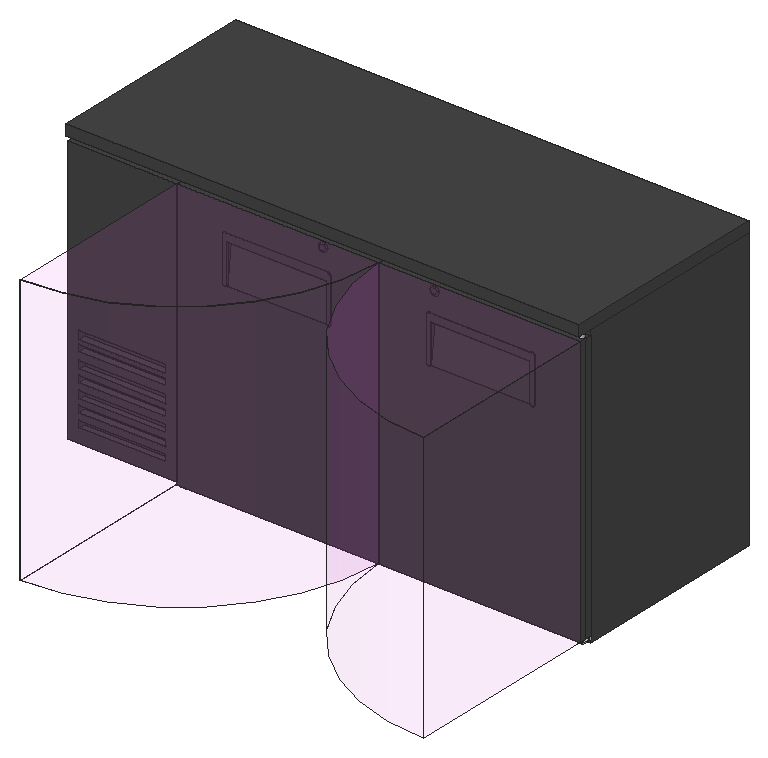
Revit family "QF_True_TBB24-60-2S-Z1-BST-B-1_Solid_Swing_Door_Back_Bar", category Specialty Equipment, Revit 2021
Family settings
  Round Connector Dimension = Use Diameter
  Part Type = Normal
  Work Plane-Based = No
  Always vertical = Yes
  Cut with Voids When Loaded = No
  Shared = No
  Room Calculation Point = No
Parameters
  Weight in Pounds = 345
  Watts = Volts * FL Amps  # 368 W
  Volts = 115 V
  URL Cutsheet = ""
  Specification by User = ""
  Specification by Manufacturer = ""
  Show Seismic Flanged [instance] = yes
  Show Door Clearance [instance] = yes
  Show Default [instance] = if(or([Show 2" Casters], [Show 3" Casters]), or(or([Show 4" Casters], [Show 5" Casters], [Show 6" Legs]), and([Show 2" Casters], [Show 3" Casters]), and([Show 3" Casters], Show Seismic Flanged)), if(or([Show 4" Casters], [Show 5" Casters]), or(or([Show 6" Legs], Show Seismic Flanged), and([Show 4" Casters], [Show 5" Casters])), if([Show 6" Legs], Show Seismic Flanged, not(Show Seismic Flanged))))  # yes
  Show 6" Legs [instance] = yes
  Show 5" Casters [instance] = yes
  Show 4" Casters [instance] = yes
  Show 3" Casters [instance] = yes
  Show 2" Casters [instance] = yes
  Serial Number = ""
  Seismic Rating = ""
  SMACNA No = ""
  Revision Code = ""
  Phase = 1
  Number of Poles = 1
  NAFEM Spec ID Number = ""
  Model = "TBB24-60-2S-Z1-BST-B-1"
  Min Ckt Ampacity = 0 A
  Max Overcurrent Protection = 0 A
  Masterspec = ""
  Manufacturer = "True"
  Length = 60 1/32"
  Item Number = ""
  Installed By = ""
  Identify Quantity as Lot = yes
  Height [instance] = Base Height + Body Height  # 34 3/16"
  HP = "1/4"
  Furnished By = ""
  Foodservice Equipment Identifier = yes
  FL Amps = 3.2 A
  Electrical Remarks = ""
  Electric Connection Type = ""
  Elec Conn RI Height = 0"
  Elec Conn Connection Height = 0"
  Door Finish [instance] = QF_Metallic_Paint_Black_Smooth
  Description = "Solid Swing Door Back Bar 24\" Depth Single Zone Cooler with Black Sub Top and Black Exterior"
  Depth = 24 7/8"
  Default Elevation = 0"
  Cycle = 60 Hz
  Counter Top Finish [instance] = QF_Metallic_Paint_Black_Smooth
  Conn Plug = "NEMA 5-15P"
  Conn Conduit = yes
  CSI MasterFormat = ""
  Body Height [instance] = 34 3/16"
  Body Finish [instance] = QF_Metallic_Paint_Black_Smooth
  Base Height [instance] = if(Show Default, 0", if([Show 2" Casters], 2", if([Show 3" Casters], 3", if([Show 4" Casters], 4", if([Show 5" Casters], 5", if([Show 6" Legs], 6", if(Show Seismic Flanged, 6", 0")))))))  # 0"
  Apparent Power = 0 VA
Reference planes (in)
  plane 1 "BACK": y = 0
  plane 2: z = 0
  plane 3 "LEFT": x = 0
  plane 4 "RIGHT": x = 60.03125
  plane 5 "FRONT": y = -24.875
  plane 6 "TOP": z = 34.1875
  plane 7 "Center Y": x = 30.01563
  plane 8 "Center X": y = -12.4375
  plane 9: z = 0
Dimensions and locks (in)
  equal spacing: plane 3 "LEFT", plane 7 "Center Y", plane 4 "RIGHT"
  "Length": plane 3 "LEFT" to plane 4 "RIGHT"
  equal spacing: plane 5 "FRONT", plane 8 "Center X", plane 1 "BACK"
  "Depth": plane 5 "FRONT" to plane 1 "BACK"
  plane 6 "TOP" to level = 34 3/16"
  "Base Height": plane 9 to level
  "Body Height": plane 6 "TOP" to plane 9
  aligned and locked: level to plane 2
  aligned and locked: nested 1 to plane 9
Nested families (in)
  nested 1: "TBB24-60-2S-Z1-BST-B-1" at (0, 0, 0), Body Finish <- "Body Finish", Counter Top Finishes <- "Counter Top Finish", Door Finish <- "Door Finish", Show Door Clearance <- "Show Door Clearance", type "TBB24-60-2S-Z1-BST-B-1"
    with Show Door Clearance yes, Door Finish QF_Metallic_Paint_Black_Smooth, Counter Top Finishes QF_Metallic_Paint_Black_Smooth, Body Finish QF_Metallic_Paint_Black_Smooth
  nested 2: "Family3" at (2.5, -20.41792, 0), Show 2" Casters <- "Show 2" Casters", Show 3" Casters <- "Show 3" Casters", Show 4" Casters <- "Show 4" Casters", Show 5" Casters <- "Show 5" Casters", Show 6" Legs <- "Show 6" Legs", Show Seismic Flanged <- "Show Seismic Flanged", type "Family3"
    with Show Seismic Flanged yes, Show 6" Legs yes, Show 5" Casters yes, Show 4" Casters yes, Show 3" Casters yes, Show 2" Casters yes
  nested 3: "Family3" at (57.53125, -20.41792, 0), Show 2" Casters <- "Show 2" Casters", Show 3" Casters <- "Show 3" Casters", Show 4" Casters <- "Show 4" Casters", Show 5" Casters <- "Show 5" Casters", Show 6" Legs <- "Show 6" Legs", Show Seismic Flanged <- "Show Seismic Flanged", type "Family3"
    with Show Seismic Flanged yes, Show 6" Legs yes, Show 5" Casters yes, Show 4" Casters yes, Show 3" Casters yes, Show 2" Casters yes
  nested 4: "Family3" at (2.5, -3.16792, 0), Show 2" Casters <- "Show 2" Casters", Show 3" Casters <- "Show 3" Casters", Show 4" Casters <- "Show 4" Casters", Show 5" Casters <- "Show 5" Casters", Show 6" Legs <- "Show 6" Legs", Show Seismic Flanged <- "Show Seismic Flanged", type "Family3"
    with Show Seismic Flanged yes, Show 6" Legs yes, Show 5" Casters yes, Show 4" Casters yes, Show 3" Casters yes, Show 2" Casters yes
  nested 5: "Family3" at (57.53125, -3.16792, 0), Show 2" Casters <- "Show 2" Casters", Show 3" Casters <- "Show 3" Casters", Show 4" Casters <- "Show 4" Casters", Show 5" Casters <- "Show 5" Casters", Show 6" Legs <- "Show 6" Legs", Show Seismic Flanged <- "Show Seismic Flanged", type "Family3"
    with Show Seismic Flanged yes, Show 6" Legs yes, Show 5" Casters yes, Show 4" Casters yes, Show 3" Casters yes, Show 2" Casters yes
Connectors (in)
  electrical at (5.92159, 0.23047, 18.36709), driven by "Volts", driven by "Watts"
    settings: on nested 1, index 1, voltage 115 V, apparent load 368 VA, apparent load phase1 0 VA, apparent load phase2 0 VA, apparent load phase3 0 VA, power factor 1, load classification "Other", number of poles 1, system type 30, power factor state 1, is connector primary yes, connector utility no, sub classification motor no, connector description "ELECTRICAL CONNECTION"
Definition of nested family "TBB24-60-2S-Z1-BST-B-1"
  Parameters (values of type "TBB24-60-2S-Z1-BST-B-1")
    Weight in Pounds = 0
    URL Cutsheet = ""
    Specification by User = ""
    Specification by Manufacturer = ""
    Show Door Clearance [instance] = yes
    Serial Number = ""
    Seismic Rating = ""
    SMACNA No = ""
    Revision Code = ""
    NAFEM Spec ID Number = ""
    Masterspec = ""
    Length = 60 1/32"
    Item Number = ""
    Installed By = ""
    Identify Quantity as Lot = yes
    Height = 34 3/16"
    Furnished By = ""
    Foodservice Equipment Identifier = yes
    Door Finish [instance] = none
    Depth = 24 7/8"
    Default Elevation = 0"
    Counter Top Finishes [instance] = none
    CSI MasterFormat = ""
    Body Finish [instance] = none
  Reference planes (in)
    plane 1 "BACK": y = 0
    plane 2: z = 0
    plane 3 "LEFT": x = 0
    plane 4 "RIGHT": x = 60.03125
    plane 5 "FRONT": y = -24.875
    plane 6 "TOP": z = 34.1875
    plane 7 "Center Y": x = 30.01563
    plane 8 "Center X": y = -12.4375
    plane 9: y = -47.59375
    plane 10: z = 0.6875
    plane 11: z = 32.9375
    plane 12: z = 2.0625
    plane 13: y = -21.41792
    plane 14: z = 0.33506
    plane 15: z = 23.55589
    plane 16: x = 36.40899
    plane 17: x = 12.78399
  Forms (in)
    Extrusion 1, solid, material <- "Counter Top Finishes"
      sketch origin (0, 0, 0) x (1, 0, 0) y (0, 0, 1)
        loop
          line (0, 34.1875) -> (0, 32.9375) -> (60.03125, 32.9375) -> (60.03125, 34.1875) -> (0, 34.1875)
      from 0 to 24.875
    Extrusion 2, solid, material <- "Body Finish"
      sketch origin (0, 0, 0) x (0, 1, 0) y (0, 0, 1)
        loop
          line (0, 32.9375) -> (-23.09422, 32.9375) -> (-23.09422, 0) -> (0, 0) -> (0, 32.9375)
      from 0 to 60.03125
    Extrusion 3, solid, material <- "Door Finish"
      sketch origin (0, -23.09422, 35.99786) x (0, 0, 1) y (1, 0, 0)
        loop
          line (-3.72284, 18.35291) -> (-3.72284, 35.99891) -> (-35.31036, 35.99891) -> (-35.31036, 18.35291) -> (-3.72284, 18.35291)
        loop
          line (-4.22284, 19.79188) -> (-4.22284, 35.35291) -> (-33.93536, 35.35291) -> (-33.93536, 19.79188) -> (-4.22284, 19.79188)
      from 0 to -0.66955
    Extrusion 4, solid
      sketch origin (0, -23.09422, 32.9375) x (0, 0, -1) y (1, 0, 0)
        loop
          line (0.66249, 0) -> (31.95758, 0) -> (31.95758, 12.78399) -> (0.66249, 12.78399) -> (0.66249, 0)
      from 0 to 1.50548
    Extrusion 5, void
      sketch origin (0, -24.5997, 32.9375) x (0, 0, 1) y (1, 0, 0)
        loop
          line (-20.06297, 1.27626) -> (-20.06297, 11.45734) -> (-21.06297, 11.45734) -> (-21.06297, 1.27626) -> (-20.06297, 1.27626)
        loop
          line (-21.51705, 1.27626) -> (-21.51705, 11.45734) -> (-22.34419, 11.45734) -> (-22.34419, 1.27626) -> (-21.51705, 1.27626)
        loop
          line (-23.18797, 1.27626) -> (-23.18797, 11.45734) -> (-24.18797, 11.45734) -> (-24.18797, 1.27626) -> (-23.18797, 1.27626)
        loop
          line (-24.76705, 1.27626) -> (-24.76705, 11.45734) -> (-25.59419, 11.45734) -> (-25.59419, 1.27626) -> (-24.76705, 1.27626)
        loop
          line (-26.31297, 1.27626) -> (-26.31297, 11.45734) -> (-27.31297, 11.45734) -> (-27.31297, 1.27626) -> (-26.31297, 1.27626)
        loop
          line (-27.89205, 1.27626) -> (-27.89205, 11.45734) -> (-28.71919, 11.45734) -> (-28.71919, 1.27626) -> (-27.89205, 1.27626)
        loop
          line (-29.51705, 1.27626) -> (-29.51705, 11.45734) -> (-30.34419, 11.45734) -> (-30.34419, 1.27626) -> (-29.51705, 1.27626)
      from 0 to 0.83594
    Extrusion 6, solid
      sketch origin (0, 0, 32.6875) x (0, 0, 1) y (1, 0, 0)
        loop
          arc (-12.59037, 11.27264) -> (-12.81004, 11.80298) -> (-13.34037, 12.02264) r 0.75
          line (-13.34037, 12.02264) -> (-31.375, 12.02264)
          arc (-31.375, 12.02264) -> (-31.90533, 11.80298) -> (-32.125, 11.27264) r 0.75
          line (-32.125, 11.27264) -> (-32.125, 0.75)
          arc (-32.125, 0.75) -> (-31.90533, 0.21967) -> (-31.375, 0) r 0.75
          line (-31.375, 0) -> (-13.34037, 0)
          arc (-13.34037, 0) -> (-12.81004, 0.21967) -> (-12.59037, 0.75) r 0.75
          line (-12.59037, 0.75) -> (-12.59037, 5.19897) -> (-12.14941, 5.19897)
          arc (-12.14941, 5.19897) -> (-11.39941, 5.94897) -> (-12.14941, 6.69897) r 0.75
          line (-12.14941, 6.69897) -> (-12.59037, 6.69897) -> (-12.59037, 11.27264)
      from 0 to 0.03125
    Extrusion 7, solid
      sketch origin (0, 0.03125, 32.6875) x (0, 0, 1) y (1, 0, 0)
        loop
          line (-11.64941, 5.94897) -> (-11.89941, 6.38198) -> (-12.39941, 6.38198) -> (-12.64941, 5.94897) -> (-12.39941, 5.51596) -> (-11.89941, 5.51596) -> (-11.64941, 5.94897)
      from 0 to 0.19922
    Extrusion 8, solid
      sketch origin (0, 0.03125, 32.6875) x (0, 0, 1) y (1, 0, 0)
        loop
          circle (-14.32041, 5.92159) r 0.5
      from 0 to 0.19922
    Blend 9, solid, material <- "Door Finish"
      base sketch origin (48.03125, -24.5997, 0.6875) x (-1, 0, 0) y (0, 0, 1)
        loop
          circle (18.15288, 30.93229) r 0.5
      top sketch origin (48.03125, -24.5997, 0.6875) x (-1, 0, 0) y (0, 0, 1)
        loop
          circle (18.15288, 30.93229) r 0.37406
      from 0 to -0.05551
    Extrusion 10, solid, material <- "Door Finish"
      sketch origin (59.99782, -23.09422, 35.99786) x (0, 0, 1) y (1, 0, 0)
        loop
          line (-3.72284, 0.03343) -> (-35.31036, 0.03343) -> (-35.31036, -23.99891) -> (-3.72284, -23.99891) -> (-3.72284, 0.03343)
        loop
          line (-4.22284, -1.79188) -> (-33.93536, -1.79188) -> (-33.93536, -23.35291) -> (-4.22284, -23.35291) -> (-4.22284, -1.79188)
      from 0 to -0.66955
    Extrusion 11, solid, material <- "Door Finish"
      sketch origin (59.99782, -23.09422, 35.99786) x (0, 0, 1) y (1, 0, 0)
        loop
          line (-3.72284, 0.03343) -> (-35.31036, 0.03343) -> (-35.31036, -23.58883) -> (-3.72284, -23.58883) -> (-3.72284, 0.03343)
      from -1.50548 to -0.66955
    Extrusion 12, solid, material <- "Door Finish"
      sketch origin (0, -23.09422, 35.99786) x (0, 0, 1) y (1, 0, 0)
        loop
          line (-3.72284, 12.78399) -> (-3.72284, 36.40899) -> (-35.31036, 36.40899) -> (-35.31036, 12.78399) -> (-3.72284, 12.78399)
      from -1.50548 to -0.66955
    Revolve 13, solid
      sketch origin (13.18501, -180, 0.6875) x (0, 0, -1) y (0, -1, 0)
        loop
          line (-31.58751, -156.24977) -> (-32.25, -156.24977) -> (-32.25, -156.74977) -> (-32.1201, -156.74977) -> (-32.1201, -156.49977) -> (-31.58751, -156.49977) -> (-31.58751, -156.24977)
        axis (-32.25, -156.24977) -> (-31.58751, -156.24977)
      angle from 0 to 360
    Extrusion 14, solid
      sketch origin (-7.1793, -180.46875, 0.33506) x (-1, 0, 0) y (0, -1, 0)
        loop
          line (-19.96329, -157.37453) -> (-19.96329, -156.39831)
          arc (-19.96329, -156.39831) -> (-20.00622, -156.29467) -> (-20.10986, -156.25173) r 0.14658
          line (-20.10986, -156.25173) -> (-20.51815, -156.25173)
          arc (-20.51815, -156.25173) -> (-20.6014, -156.26829) -> (-20.67197, -156.31545) r 0.21754
          line (-20.67197, -156.31545) -> (-21.51462, -157.1581)
          arc (-21.51462, -157.1581) -> (-21.5421, -157.29627) -> (-21.42497, -157.37453) r 0.12678
          line (-21.42497, -157.37453) -> (-19.96329, -157.37453)
        loop
          line (-67.21055, -157.37453) -> (-65.74886, -157.37453)
          arc (-65.74886, -157.37453) -> (-65.63173, -157.29627) -> (-65.65921, -157.1581) r 0.12678
          line (-65.65921, -157.1581) -> (-66.50186, -156.31545)
          arc (-66.50186, -156.31545) -> (-66.57244, -156.26829) -> (-66.65568, -156.25173) r 0.21754
          line (-66.65568, -156.25173) -> (-67.06397, -156.25173)
          arc (-67.06397, -156.25173) -> (-67.16761, -156.29467) -> (-67.21055, -156.39831) r 0.14658
          line (-67.21055, -156.39831) -> (-67.21055, -157.37453)
      from 0 to 0.0625
    Extrusion 15, solid
      sketch origin (0, -23.09422, 32.9375) x (0, 0, -1) y (1, 0, 0)
        loop
          line (32.60244, 12.78399) -> (32.60244, 14.37246) -> (32.25, 14.37246) -> (32.25, 12.78399) -> (32.60244, 12.78399)
        loop
          line (32.60244, 60.03125) -> (32.25, 60.03125) -> (32.25, 58.44278) -> (32.60244, 58.44278) -> (32.60244, 60.03125)
      from 0 to 0.0625
    Revolve 16, solid
      sketch origin (13.18409, -180.05443, 0.39756) x (0, 0, 1) y (0, 1, 0)
        loop
          line (0.28994, 156.29571) -> (0.28994, 156.48985) -> (0, 156.48985) -> (0, 156.29571) -> (0.28994, 156.29571)
        axis (0.28994, 156.29571) -> (0, 156.29571)
      angle from 0 to 360
    Extrusion 17, solid, material <- "Door Finish"
      sketch origin (0, -24.5997, 35.99786) x (0, 0, -1) y (1, 0, 0)
        loop
          arc (7.19767, 54.72425) -> (6.92975, 54.61327) -> (6.81877, 54.34534) r 0.37891
          line (6.81877, 54.34534) -> (6.81877, 42.41493)
          arc (6.81877, 42.41493) -> (6.92953, 42.14751) -> (7.19695, 42.03675) r 0.37818
          line (7.19695, 42.03675) -> (12.19377, 42.03675)
          arc (12.19377, 42.03675) -> (12.44197, 42.28495) -> (12.19377, 42.53315) r 0.2482
          line (12.19377, 42.53315) -> (8.12997, 42.53315)
          arc (8.12997, 42.53315) -> (7.86204, 42.64413) -> (7.75107, 42.91206) r 0.37891
          line (7.75107, 42.91206) -> (7.75107, 53.78643)
          arc (7.75107, 53.78643) -> (7.86204, 54.05436) -> (8.12997, 54.16534) r 0.37891
          line (8.12997, 54.16534) -> (12.16252, 54.16534)
          arc (12.16252, 54.16534) -> (12.44197, 54.44479) -> (12.16252, 54.72425) r 0.27945
          line (12.16252, 54.72425) -> (7.19767, 54.72425)
        loop
          line (7.19767, 18.09374) -> (12.16252, 18.09374)
          arc (12.16252, 18.09374) -> (12.44197, 18.37319) -> (12.16252, 18.65264) r 0.27945
          line (12.16252, 18.65264) -> (8.12997, 18.65264)
          arc (8.12997, 18.65264) -> (7.86204, 18.76362) -> (7.75107, 19.03155) r 0.37891
          line (7.75107, 19.03155) -> (7.75107, 29.90593)
          arc (7.75107, 29.90593) -> (7.86204, 30.17385) -> (8.12997, 30.28483) r 0.37891
          line (8.12997, 30.28483) -> (12.19377, 30.28483)
          arc (12.19377, 30.28483) -> (12.44197, 30.53304) -> (12.19377, 30.78124) r 0.2482
          line (12.19377, 30.78124) -> (7.19695, 30.78124)
          arc (7.19695, 30.78124) -> (6.92953, 30.67047) -> (6.81877, 30.40306) r 0.37818
          line (6.81877, 30.40306) -> (6.81877, 18.47264)
          arc (6.81877, 18.47264) -> (6.92975, 18.20472) -> (7.19767, 18.09374) r 0.37891
      from 0 to 0.03125
    Extrusion 18, void
      sketch origin (15.67364, -24.5997, 27.86788) x (0, 0, 1) y (0, 1, 0)
        loop
          line (0.37891, -0.24253) -> (0.37891, 0.5) -> (-4.312, 0) -> (-4.312, -0.24253) -> (0.37891, -0.24253)
      from -2.979 to -14.61119
    Extrusion 19, void
      sketch origin (42.53315, -24.5997, 27.86788) x (0, 0, 1) y (0, 1, 0)
        loop
          line (0.37891, -0.24253) -> (0.37891, 0.5) -> (-4.312, 0) -> (-4.312, -0.24253) -> (0.37891, -0.24253)
      from 0 to -11.63219
    Revolve 20, solid
      sketch origin (59.50249, -180, 0.6875) x (0, 0, -1) y (0, 1, 0)
        loop
          line (-31.58751, 156.24977) -> (-31.58751, 156.49977) -> (-32.1201, 156.49977) -> (-32.1201, 156.74977) -> (-32.25, 156.74977) -> (-32.25, 156.24977) -> (-31.58751, 156.24977)
        axis (-32.25, 156.24977) -> (-31.58751, 156.24977)
      angle from 0 to 360
    Revolve 21, solid
      sketch origin (59.50341, -180.05443, 0.39756) x (0, 0, 1) y (0, -1, 0)
        loop
          line (0.28994, -156.29571) -> (0, -156.29571) -> (0, -156.48985) -> (0.28994, -156.48985) -> (0.28994, -156.29571)
        axis (0.28994, -156.29571) -> (0, -156.29571)
      angle from 0 to 360
    Blend 22, solid, material <- "Door Finish"
      base sketch origin (24.78673, -24.5997, 0.6875) x (1, 0, 0) y (0, 0, -1)
        loop
          circle (18.15288, -30.93229) r 0.5
      top sketch origin (24.78673, -24.5997, 0.6875) x (1, 0, 0) y (0, 0, -1)
        loop
          circle (18.15288, -30.93229) r 0.37406
      from 0 to -0.05551
    Extrusion 23, solid, visible <- "Show Door Clearance"
      sketch origin (35.99891, -23.09422, 0.6875) x (0, -1, 0) y (-1, 0, 0)
        loop
          arc (1.50548, -0.40165) -> (17.80154, 6.73411) -> (24.49953, 23.21492) r 23.625
          line (24.49953, 23.21492) -> (1.50548, 23.21492) -> (1.50548, -0.40165)
      from 0 to -31.58751
    Extrusion 24, solid, visible <- "Show Door Clearance"
      sketch origin (35.99891, -23.09422, 0.6875) x (0, -1, 0) y (-1, 0, 0)
        loop
          line (1.50548, -0.41851) -> (1.50548, -24.03508) -> (24.49953, -24.03508)
          arc (24.49953, -24.03508) -> (17.80154, -7.55427) -> (1.50548, -0.41851) r 23.625
      from 0 to -31.58751
  Cuts and joins
    Extrusion 5 cuts Extrusion 2
    Extrusion 5, Extrusion 18 cuts Extrusion 4
    joined: Extrusion 14, Extrusion 15
    Extrusion 18, Extrusion 19 cuts Extrusion 12
    Extrusion 18, Extrusion 19 cuts Extrusion 17
    Extrusion 18, Extrusion 19 cuts Extrusion 11
    Extrusion 18 cuts Extrusion 10
  Lines and regions (in)
    Split face 1
      outline origin (0, 0.03125, 32.6875) x (0, 0, 1) y (1, 0, 0)
        loop
          line (-15.04167, 10.7061) -> (-29.59231, 10.7061) -> (-29.59231, 0.9561) -> (-15.04167, 0.9561) -> (-15.04167, 10.7061)
    Split face 2
      outline origin (60.03125, 0, 0) x (-1, 0, 0) y (0, 0, 1)
        loop
          line (48.03125, 32.9375) -> (48.03125, 0)
        loop
          line (45.65625, 0) -> (45.65625, 32.9375)
        loop
          line (2.75, 32.9375) -> (2.75, 0)
    Split face 3
      outline origin (0, -24.5997, 32.27501) x (-1, 0, 0) y (0, 0, -1)
        loop
          line (-2.26866, 1.36126) -> (-2.26866, 2.86126) -> (-10.19974, 2.86126) -> (-10.19974, 1.36126) -> (-2.26866, 1.36126)
    symbolic lines
      curve 1: line (60.03125, 0, 0) -> (0, 0, 0)
      curve 2: line (0, 0, 0) -> (0, -24.875, 0)
      curve 3: line (0, -24.875, 0) -> (60.03125, -24.875, 0)
      curve 4: line (60.03125, -24.875, 0) -> (60.03125, 0, 0)
    symbolic lines, visible <- "Show Door Clearance"
      curve 5: arc (36.3916, -24.875, 0) -> (35.37053, -30.89617, 0) -> (32.84013, -36.45442, 0) r 23.625
      curve 6: arc (39.97713, -36.45325, 0) -> (37.44726, -30.89551, 0) -> (36.42638, -24.875, 0) r 23.625
      curve 7: line (12.78399, -24.875, 0) -> (32.84013, -36.45442, 0)
      curve 8: line (60.03125, -24.875, 0) -> (39.97713, -36.45325, 0)
  Dimensions and locks (in)
    equal spacing: plane 3 "LEFT", plane 7 "Center Y", plane 4 "RIGHT"
    "Length": plane 3 "LEFT" to plane 4 "RIGHT"
    equal spacing: plane 5 "FRONT", plane 8 "Center X", plane 1 "BACK"
    "Depth": plane 5 "FRONT" to plane 1 "BACK"
    "Height": plane 6 "TOP" to level
    plane 1 "BACK" to plane 9 = 47 19/32"
    plane 10 to level = 11/16"
    plane 5 "FRONT" to plane 1 "BACK" = 24 7/8"
    plane 9 to plane 1 "BACK" = 47 19/32"
    plane 6 "TOP" to plane 11 = 1 1/4"
    plane 5 "FRONT" to plane 9 = 22 23/32"
    aligned and locked: level to plane 2
  Automatic sketch dimensions
    Extrusion 1 sketch curve to plane 3 "LEFT" = 0"
    plane 4 "RIGHT" to Extrusion 1 sketch curve = 0"
    Extrusion 1 sketch curve to plane 11 = 0"
    Extrusion 1 sketch curve to plane 6 "TOP" = 0"
    plane 11 to Extrusion 2 sketch curve = 0"
    Extrusion 2 sketch curve to level = 0"
    Extrusion 2 sketch curve to plane 1 "BACK" = 0"
    Extrusion 2 sketch curve to plane 13 = 1.6763"
    Extrusion 3 sketch curve to plane 10 = 0"
    Extrusion 3 sketch curve to plane 12 = 0"
    plane 11 to Extrusion 3 sketch curve = 1.16249"
    plane 11 to Extrusion 3 sketch curve = 0.66249"
    Extrusion 3 sketch curve to plane 17 = 5.56892"
    Extrusion 3 sketch curve to Extrusion 3 sketch curve = 1.43897"
    plane 16 to Extrusion 3 sketch curve = 1.05608"
    plane 16 to Extrusion 3 sketch curve = 0.41008"
    Extrusion 4 sketch curve to Extrusion 2 = 0"
    Extrusion 4 sketch curve to Extrusion 2 = 0.66249"
    Extrusion 4 sketch curve to Extrusion 2 = 0.97992"
    Extrusion 2 to Extrusion 4 sketch curve = 12.78399"
    Extrusion 4 to Extrusion 5 sketch curve = 1.61339"
    Extrusion 5 sketch curve to Extrusion 5 sketch curve = 0.82714"  (x4)
    Extrusion 5 sketch curve to Extrusion 5 sketch curve = 0.79786"
    Extrusion 5 sketch curve to Extrusion 5 sketch curve = 0.57908"  (x2)
    Extrusion 5 sketch curve to Extrusion 5 sketch curve = 1"  (x3)
    Extrusion 5 sketch curve to Extrusion 5 sketch curve = 0.71878"
    Extrusion 5 sketch curve to Extrusion 5 sketch curve = 0.84378"
    Extrusion 5 sketch curve to Extrusion 5 sketch curve = 0.45408"
    Extrusion 4 to Extrusion 5 sketch curve = 1.27626"  (x2)
    Extrusion 5 sketch curve to Extrusion 5 sketch curve = 0"  (x11)
    Extrusion 4 to Extrusion 5 sketch curve = 1.32665"
    Extrusion 6 sketch curve to Extrusion 2 = 0"
    Extrusion 2 to Extrusion 6 sketch curve = 9/16"
    Extrusion 6 sketch curve to Extrusion 6 sketch curve = 3/4"  (x3)
    Extrusion 6 sketch curve to Extrusion 2 = 13.59037"
    Extrusion 2 to Extrusion 6 sketch curve = 3/4"
    Extrusion 6 sketch curve to Extrusion 6 sketch curve = 0"  (x2)
    Extrusion 6 sketch curve to Extrusion 6 sketch curve = 0.44096"
    Extrusion 6 sketch curve to Extrusion 6 sketch curve = 4.44897"
    Extrusion 6 sketch curve to Extrusion 6 sketch curve = 10.52264"
    Split face 1 sketch curve to Extrusion 6 = 2.53269"
    Split face 1 sketch curve to Extrusion 6 = 2.4513"
    Split face 1 sketch curve to Extrusion 6 = 0.9561"
    Split face 1 sketch curve to Extrusion 6 = 1.31655"
    Extrusion 7 sketch curve to Extrusion 6 = 0.05904"
    Extrusion 6 to Extrusion 7 sketch curve = 0.19096"  (x2)
    Extrusion 7 sketch curve to Extrusion 6 = 0.31699"  (x2)
    Extrusion 7 sketch curve to Extrusion 7 sketch curve = 1/2"  (x2)
    Extrusion 7 sketch curve to Extrusion 7 sketch curve = 1/4"
    Extrusion 7 sketch curve to Extrusion 7 sketch curve = 0.43301"  (x2)
    Extrusion 8 sketch curve to Extrusion 6 = 0.72262"
    Extrusion 8 sketch curve to Extrusion 6 = 1.73005"
    Split face 2 sketch curve to cut or joined group of Extrusion 2, Extrusion 5 = 0"  (x6)
    Split face 2 sketch curve to cut or joined group of Extrusion 2, Extrusion 5 = 2 3/4"
    Split face 2 sketch curve to cut or joined group of Extrusion 2, Extrusion 5 = 14 3/8"
    Split face 2 sketch curve to Split face 2 sketch curve = 2 3/8"
    Blend 9 sketch curve to plane 7 "Center Y" = 0.13726"  (x2)
    plane 11 to Blend 9 sketch curve = 1.31771"  (x2)
    Split face 3 sketch curve to cut or joined group of Extrusion 4, Extrusion 5, Extrusion 18 = 1.2576"
    Split face 3 sketch curve to cut or joined group of Extrusion 4, Extrusion 5, Extrusion 18 = 0.9924"
    Split face 3 sketch curve to cut or joined group of Extrusion 4, Extrusion 5, Extrusion 18 = 1.36126"
    Split face 3 sketch curve to Split face 3 sketch curve = 1 1/2"
    plane 4 "RIGHT" to Extrusion 10 sketch curve = 0"
    Extrusion 10 sketch curve to plane 10 = 0"
    Extrusion 10 sketch curve to plane 12 = 0"
    Extrusion 10 sketch curve to plane 16 = 0.23592"
    plane 11 to Extrusion 10 sketch curve = 1.16249"
    plane 11 to Extrusion 10 sketch curve = 0.66249"
    plane 16 to Extrusion 10 sketch curve = 0.41008"
    plane 4 "RIGHT" to Extrusion 10 sketch curve = 1.82531"
    plane 4 "RIGHT" to Extrusion 11 sketch curve = 0"
    Extrusion 11 sketch curve to plane 10 = 0"
    Extrusion 11 sketch curve to plane 16 = 0"
    plane 11 to Extrusion 11 sketch curve = 0.66249"
    Extrusion 12 sketch curve to plane 10 = 0"
    Extrusion 12 sketch curve to plane 17 = 0"
    Extrusion 12 sketch curve to plane 16 = 0"
    plane 11 to Extrusion 12 sketch curve = 0.66249"
    plane 11 to Revolve 13 sketch curve = 0"  (x2)
    plane 11 to Revolve 13 sketch curve = 0.1299"  (x2)
    Revolve 13 sketch curve to Revolve 13 sketch curve = 0.53259"
    Revolve 13 sketch curve to plane 5 "FRONT" = 1.62477"
    Revolve 13 sketch curve to Revolve 13 sketch curve = 1/4"  (x2)
    Revolve 13 sketch curve to Revolve 13 sketch curve = 0"
    Extrusion 14 sketch curve to plane 4 "RIGHT" = 0"
    Extrusion 14 sketch curve to plane 17 = 0"
    plane 4 "RIGHT" to Extrusion 14 sketch curve = 0.14658"
    Extrusion 14 sketch curve to Extrusion 14 sketch curve = 0.40828"
    Extrusion 14 sketch curve to Extrusion 14 sketch curve = 0.15382"  (x2)
    Extrusion 14 sketch curve to Extrusion 14 sketch curve = 0.90682"
    Extrusion 14 sketch curve to Extrusion 14 sketch curve = 0.08965"  (x2)
    Extrusion 14 sketch curve to plane 17 = 1.55133"
    Extrusion 14 sketch curve to plane 17 = 0.70868"
    Extrusion 14 sketch curve to plane 17 = 0.14658"
    Extrusion 14 sketch curve to plane 13 = 1.6763"  (x2)
    Extrusion 14 sketch curve to Extrusion 14 sketch curve = 0.12678"  (x2)
    Extrusion 14 sketch curve to plane 5 "FRONT" = 0.87552"  (x2)
    Extrusion 14 sketch curve to Extrusion 14 sketch curve = 0.07096"  (x2)
    Extrusion 2 to Extrusion 15 sketch curve = 0"
    Extrusion 15 sketch curve to Extrusion 2 = 11/16"  (x2)
    Extrusion 15 sketch curve to Extrusion 2 = 0.33506"  (x2)
    Extrusion 2 to Extrusion 15 sketch curve = 1.58847"
    Extrusion 2 to Extrusion 15 sketch curve = 14.37246"
    Extrusion 15 sketch curve to Extrusion 15 sketch curve = 1.58847"
    Revolve 16 sketch curve to plane 10 = 0"  (x2)
    plane 14 to Revolve 16 sketch curve = 1/16"
    Revolve 16 sketch curve to plane 5 "FRONT" = 1.11628"
    Revolve 16 sketch curve to Revolve 16 sketch curve = 0.19414"
    Revolve 16 sketch curve to Revolve 16 sketch curve = 0.14497"
    Revolve 16 sketch curve to Revolve 16 sketch curve = 0"
    Extrusion 17 sketch curve to Extrusion 12 = 3.09593"  (x2)
    Extrusion 17 sketch curve to Extrusion 17 sketch curve = 0.37818"  (x2)
    Extrusion 17 sketch curve to Extrusion 17 sketch curve = 97/256"  (x6)
    Extrusion 17 sketch curve to Extrusion 17 sketch curve = 0.55339"  (x2)
    Extrusion 17 sketch curve to Extrusion 17 sketch curve = 4.03255"  (x2)
    Extrusion 17 sketch curve to Extrusion 17 sketch curve = 4.0638"  (x2)
    Extrusion 17 sketch curve to Extrusion 12 = 5.30975"
    Extrusion 17 sketch curve to Extrusion 17 sketch curve = 0.27945"
    Extrusion 17 sketch curve to Extrusion 12 = 6.50306"
    Extrusion 17 sketch curve to Extrusion 17 sketch curve = 0.49713"
    Extrusion 12 to Extrusion 17 sketch curve = 5.62775"
    Extrusion 17 sketch curve to Extrusion 17 sketch curve = 0.2482"
    Extrusion 17 sketch curve to Extrusion 17 sketch curve = 10.87438"
    Extrusion 17 sketch curve to Extrusion 17 sketch curve = 0.5589"
    Extrusion 18 sketch curve to plane 15 = 0"
    Extrusion 18 sketch curve to plane 5 "FRONT" = 0.03277"
    plane 11 to Extrusion 18 sketch curve = 4.69071"
    Extrusion 18 sketch curve to Extrusion 18 sketch curve = 0.24253"
    Extrusion 18 sketch curve to Extrusion 18 sketch curve = 0.74253"
    Extrusion 19 sketch curve to Extrusion 17 = 0"
    Extrusion 17 to Extrusion 19 sketch curve = 0.2482"
    Extrusion 19 sketch curve to Extrusion 17 = 97/256"
    Extrusion 17 to Extrusion 19 sketch curve = 0.21128"
    Extrusion 17 to Extrusion 19 sketch curve = 1/2"
    plane 11 to Revolve 20 sketch curve = 0"  (x2)
    plane 11 to Revolve 20 sketch curve = 0.1299"  (x2)
    Revolve 20 sketch curve to Revolve 20 sketch curve = 0.53259"
    Revolve 20 sketch curve to plane 5 "FRONT" = 1.12477"
    Revolve 20 sketch curve to Revolve 20 sketch curve = 1/4"  (x2)
    Revolve 20 sketch curve to Revolve 20 sketch curve = 0"
    Revolve 21 sketch curve to plane 10 = 0"  (x2)
    plane 14 to Revolve 21 sketch curve = 1/16"
    Revolve 21 sketch curve to plane 5 "FRONT" = 1.31042"
    Revolve 21 sketch curve to Revolve 21 sketch curve = 0.19414"
    Revolve 21 sketch curve to plane 10 = 0.14497"
    Revolve 21 sketch curve to Revolve 21 sketch curve = 0"
    plane 11 to Blend 22 sketch curve = 1.31771"  (x2)
    Blend 22 sketch curve to plane 16 = 6.53062"  (x2)
    Extrusion 23 sketch curve to Extrusion 11 = 0"
    Extrusion 23 sketch curve to Extrusion 11 = 0.20499"
    Extrusion 11 to Extrusion 23 sketch curve = 22.99405"
    Extrusion 23 sketch curve to Extrusion 11 = 23 5/8"
    Extrusion 11 to Extrusion 24 sketch curve = 0"
    Extrusion 11 to Extrusion 24 sketch curve = 0.00274"
    Extrusion 24 sketch curve to Extrusion 11 = 0.20499"
    Extrusion 11 to Extrusion 24 sketch curve = 22.99405"
    plane 1 "BACK" to curve 1 = 0"
    curve 1 to plane 3 "LEFT" = 0"
    plane 5 "FRONT" to curve 7 = 0"
    curve 7 to plane 17 = 0"
    curve 5 to plane 17 = 0"
    curve 4 to plane 4 "RIGHT" = 0"
    plane 7 "Center Y" to curve 7 = 2.82451"
    curve 8 to plane 16 = 3.56814"
    curve 6 to plane 4 "RIGHT" = 0.00274"
    plane 9 to curve 8 = 11.1405"
    curve 7 to curve 6 = 0.00116"
    curve 5 to plane 5 "FRONT" = 29/32"
    curve 6 to plane 5 "FRONT" = 29/32"
    radius of Extrusion 8 sketch curve = 1/2"
    radius of Blend 9 sketch curve = 1/2"
    radius of Blend 9 sketch curve = 0.37406"
    radius of Blend 22 sketch curve = 1/2"
    radius of Blend 22 sketch curve = 0.37406"
Definition of nested family "Family3"
  Parameters (values of type "Family3")
    Weight in Pounds = 0
    URL Cutsheet = ""
    Specification by User = ""
    Specification by Manufacturer = ""
    Show Seismic Flanged [instance] = yes
    Show 6" Legs [instance] = yes
    Show 5" Casters [instance] = yes
    Show 4" Casters [instance] = yes
    Show 3" Casters [instance] = yes
    Show 2" Casters [instance] = yes
    Serial Number = ""
    Seismic Rating = ""
    SMACNA No = ""
    Revision Code = ""
    NAFEM Spec ID Number = ""
    Masterspec = ""
    Length = 0"
    Item Number = ""
    Installed By = ""
    Identify Quantity as Lot = yes
    Height = 0"
    Furnished By = ""
    Foodservice Equipment Identifier = yes
    Depth = 0"
    Default Elevation = 0"
    CSI MasterFormat = ""
  Reference planes (in)
    plane 1 "BACK": y = 0
    plane 2: z = 0
    plane 3 "LEFT": x = 0
    plane 4 "RIGHT": x = 0
    plane 5 "FRONT": y = 0
    plane 6 "TOP": z = 0
    plane 7 "Center Y": x = 0
    plane 8 "Center X": y = 0
  Dimensions and locks (in)
    equal spacing: plane 3 "LEFT", plane 7 "Center Y", plane 4 "RIGHT"
    "Length": plane 3 "LEFT" to plane 4 "RIGHT"
    equal spacing: plane 5 "FRONT", plane 8 "Center X", plane 1 "BACK"
    "Depth": plane 5 "FRONT" to plane 1 "BACK"
    "Height": plane 6 "TOP" to level
    aligned and locked: level to plane 2
  Nested families (in)
    nested 1: "2 INCHES_CASTER" at (0, 0, 0), 2 Inches Caster <- "Show 2" Casters", type "2 INCHES_CASTER"
      with Type Mark "", Specification by User "", Revision Code "", Item Number "", Installed By "", Identify Quantity as Lot yes, Furnished By "", Foodservice Equipment Identifier yes, 2 Inches Caster yes
    nested 2: "3 INCHES 01_CASTER" at (0, 0, 0), 3 Inches Caster <- "Show 3" Casters", type "3 INCHES 01_CASTER"
      with Type Mark "", Specification by User "", Revision Code "", Item Number "", Installed By "", Identify Quantity as Lot yes, Furnished By "", Foodservice Equipment Identifier yes, 3 Inches Caster yes
    nested 3: "4 INCHES_CASTER" at (0, 0, 0), Show 4 Inches Casters <- "Show 4" Casters", type "4 INCHES_CASTER"
      with Type Mark "", Specification by User "", Show 4 Inches Casters yes, Revision Code "", Item Number "", Installed By "", Identify Quantity as Lot yes, Furnished By "", Foodservice Equipment Identifier yes
    nested 4: "5 INCHES 01_CASTER 2" at (0, 0, 0), Show 5" Casters <- "Show 5" Casters", type "5 INCHES 01_CASTER 2"
      with Type Mark "", Specification by User "", Show 5" Casters yes, Revision Code "", Key Locks no, Item Number "", Installed By "", Identify Quantity as Lot yes, Furnished By "", Foodservice Equipment Identifier yes
    nested 5: "6 INCHES LEGS" at (0, 0, 0), Show 6" Legs <- "Show 6" Legs", type "6 INCHES LEGS"
      with Type Mark "", Status "", Specification by User "", Show Seismic Flanged no, Show 6" Legs yes, Revision Code "", Item Number "", Installed By "", Identify Quantity as Lot yes, Furnished By "", Foodservice Equipment Identifier yes
    nested 6: "6 INCHES LEGS WITH FLANGED" at (0, 0, 0), visible <- "Show Seismic Flanged", Show 6" Seismic Flanged <- "Show Seismic Flanged", type "6 INCHES LEGS WITH FLANGED"
      with Type Mark "", Status "", Specification by User "", Revision Code "", Item Number "", Installed By "", Identify Quantity as Lot yes, Furnished By "", Foodservice Equipment Identifier yes
  Definition of nested family "2 INCHES_CASTER"
    Parameters (values of type "2 INCHES_CASTER")
      Weight = ""
      URL Manufacturer = ""
      URL Cutsheet = ""
      URL = ""
      Type Mark [instance] = ""
      Specification by User [instance] = ""
      Specification by Manufacturer = ""
      Serial Number = ""
      Seismic Rating = ""
      SMACNA No = ""
      Revision Code [instance] = ""
      Omniclass Number and Title = ""
      NAFEM Spec ID Number = ""
      Model = ""
      MasterSpec. = ""
      Manufacturer = ""
      Item Number [instance] = ""
      Installed By [instance] = ""
      Identify Quantity as Lot [instance] = yes
      Furnished By [instance] = ""
      Foodservice Equipment Identifier [instance] = yes
      Description = ""
      Default Elevation = 0"
      CSI MasterFormat = ""
      CSI Master Format = ""
      Assembly Code = ""
      2 Inches Caster [instance] = yes
    Reference planes (in)
      plane 1: z = 0
      plane 2 "RIGHT": x = 0
      plane 3 "FRONT": y = 0
      plane 4 "TOP": z = 2
    Forms (in)
      Revolve 1, solid, visible <- "2 Inches Caster"
        sketch origin (-1.93794, 0.46818, -1.0041) x (1, 0, 0) y (0, 0, 1)
          loop
            line (0.74055, 1.86347) -> (0.74055, 1.78797) -> (0.79055, 1.73797) -> (0.85055, 1.73797) -> (0.85055, 1.6179) -> (1.235, 1.6179) -> (1.235, 1.55055) -> (1.38673, 1.46295) -> (1.4003, 1.3791) -> (1.34375, 1.3791) -> (1.34375, 1.2541) -> (1.375, 1.2541) -> (1.375, 1.0041) -> (2.48438, 1.0041) -> (2.48438, 1.2541) -> (2.51563, 1.2541) -> (2.51563, 1.3791) -> (2.45908, 1.3791) -> (2.47322, 1.46647) -> (2.62438, 1.55374) -> (2.62438, 1.6179) -> (3.04007, 1.6179) -> (3.04007, 1.73797) -> (3.10007, 1.73797) -> (3.15007, 1.78797) -> (3.15007, 1.86347) -> (0.74055, 1.86347)
          axis (0.74055, 1.86347) -> (3.15007, 1.86347)
        angle from 0 to 360
      Extrusion 2, solid, visible <- "2 Inches Caster"
        sketch origin (-1.93794, 1.43296, -3.41527) x (0, 1, 0) y (0, 0, 1)
          loop
            line (-0.64294, 5.3791) -> (-2.21294, 5.3791) -> (-2.21294, 5.24769) -> (-1.37414, 5.24769)
            arc (-1.37414, 5.24769) -> (-0.62115, 5.15851) -> (0.05138, 4.80832) r 2.10495
            line (0.05138, 4.80832) -> (0.12713, 4.91318)
            arc (0.12713, 4.91318) -> (-0.07255, 5.06376) -> (-0.29048, 5.18644) r 1.8753
            line (-0.29048, 5.18644) -> (-0.22239, 5.30423)
            arc (-0.22239, 5.30423) -> (-0.42936, 5.36024) -> (-0.64294, 5.3791) r 1.21859
        from 1.17357 to 2.70231
      Revolve 3, solid, visible <- "2 Inches Caster"
        sketch origin (0, 1.73858, -3.75) x (0, 1, 0) y (0, 0, 1)
          loop
            line (-1.73858, 5.71382) -> (-1.05793, 5.71382) -> (-1.05793, 5.75) -> (-1.73858, 5.75) -> (-1.73858, 5.71382)
          axis (-1.73858, 5.71382) -> (-1.73858, 5.75319)
        angle from 0 to 360
      Extrusion 4, solid, visible <- "2 Inches Caster"
        sketch origin (-1.98481, 1.43296, -1.7541) x (0, 1, 0) y (0, 0, 1)
          loop
            line (-2.21294, 3.71792) -> (-2.21294, 3.58652) -> (-1.94904, 3.58652)
            arc (-1.94904, 3.58652) -> (-1.56115, 3.28048) -> (-1.39241, 2.81612) r 0.90292
            arc (-1.39241, 2.81612) -> (-1.36136, 2.62044) -> (-1.29729, 2.43295) r 1.15385
            arc (-1.29729, 2.43295) -> (-0.94802, 2.21237) -> (-0.6121, 2.45278) r 0.37001
            arc (-0.6121, 2.45278) -> (-0.59625, 2.50123) -> (-0.58446, 2.55082) r 0.61695
            arc (-0.58446, 2.55082) -> (-0.36134, 2.95548) -> (0.05609, 3.15367) r 0.75313
            line (0.05609, 3.15367) -> (0.12713, 3.252)
            arc (0.12713, 3.252) -> (-0.07255, 3.40259) -> (-0.29048, 3.52526) r 1.8753
            line (-0.29048, 3.52526) -> (-0.22239, 3.64306)
            arc (-0.22239, 3.64306) -> (-0.42936, 3.69906) -> (-0.64294, 3.71792) r 1.21859
            line (-0.64294, 3.71792) -> (-2.21294, 3.71792)
        from 2.74918 to 2.90825
      Extrusion 5, solid, visible <- "2 Inches Caster"
        sketch origin (1.98481, 1.43296, -1.7541) x (0, 1, 0) y (0, 0, -1)
          loop
            arc (-0.58446, -2.55082) -> (-0.59625, -2.50123) -> (-0.6121, -2.45278) r 0.61695
            arc (-0.6121, -2.45278) -> (-0.94802, -2.21237) -> (-1.29729, -2.43295) r 0.37001
            arc (-1.29729, -2.43295) -> (-1.36136, -2.62044) -> (-1.39241, -2.81612) r 1.15385
            arc (-1.39241, -2.81612) -> (-1.56115, -3.28048) -> (-1.94904, -3.58652) r 0.90292
            line (-1.94904, -3.58652) -> (-2.21294, -3.58652) -> (-2.21294, -3.71792) -> (-0.64294, -3.71792)
            arc (-0.64294, -3.71792) -> (-0.42936, -3.69906) -> (-0.22239, -3.64306) r 1.21859
            line (-0.22239, -3.64306) -> (-0.29048, -3.52526)
            arc (-0.29048, -3.52526) -> (-0.07255, -3.40259) -> (0.12713, -3.252) r 1.8753
            line (0.12713, -3.252) -> (0.05609, -3.15367)
            arc (0.05609, -3.15367) -> (-0.36134, -2.95548) -> (-0.58446, -2.55082) r 0.75313
        from 2.74918 to 2.90825
    Cuts and joins
      joined: Revolve 1, Extrusion 4, Extrusion 5
    Lines and regions (in)
      symbolic lines, visible <- "2 Inches Caster"
        curve 1: line (0.10651, 1.59133, 0) -> (0.80944, 1.1855, 0)
        curve 2: line (-0.89349, -0.14072, 0) -> (0.10651, 1.59133, 0)
        curve 3: line (-0.19056, -0.54656, 0) -> (-0.89349, -0.14072, 0)
        curve 4: line (0.80944, 1.1855, 0) -> (-0.19056, -0.54656, 0)
    Dimensions and locks (in)
      plane 4 "TOP" to level = 2"  (x2)
      aligned and locked: level to plane 1
  Definition of nested family "3 INCHES 01_CASTER"
    Parameters (values of type "3 INCHES 01_CASTER")
      Weight = ""
      URL Manufacturer = ""
      URL Cutsheet = ""
      URL = ""
      Type Mark [instance] = ""
      Specification by User [instance] = ""
      Specification by Manufacturer = ""
      Serial Number = ""
      Seismic Rating = ""
      SMACNA No = ""
      Revision Code [instance] = ""
      Omniclass Number and Title = ""
      NAFEM Spec ID Number = ""
      Model = ""
      MasterSpec. = ""
      Manufacturer = ""
      Item Number [instance] = ""
      Installed By [instance] = ""
      Identify Quantity as Lot [instance] = yes
      Furnished By [instance] = ""
      Foodservice Equipment Identifier [instance] = yes
      Description = ""
      Default Elevation = 0"
      CSI MasterFormat = ""
      CSI Master Format = ""
      Assembly Code = ""
      3 Inches Caster [instance] = yes
    Reference planes (in)
      plane 1: z = 0
      plane 2 "RIGHT": x = 0
      plane 3 "FRONT": y = 0
      plane 4 "TOP": z = 3
    Forms (in)
      Revolve 1, solid, visible <- "3 Inches Caster"
        sketch origin (-1.93794, 0.56004, -1.0041) x (1, 0, 0) y (0, 0, 1)
          loop
            line (0.74055, 2.11347) -> (0.74055, 2.03797) -> (0.79055, 1.98797) -> (0.85055, 1.98797) -> (0.85055, 1.8679) -> (1.235, 1.8679) -> (1.235, 1.7068) -> (1.36441, 1.63209) -> (1.4003, 1.41035) -> (1.34375, 1.41035) -> (1.34375, 1.28535) -> (1.375, 1.28535) -> (1.375, 1.0041) -> (2.48438, 1.0041) -> (2.48438, 1.28535) -> (2.51563, 1.28535) -> (2.51563, 1.41035) -> (2.45908, 1.41035) -> (2.49553, 1.6356) -> (2.62438, 1.70999) -> (2.62438, 1.8679) -> (3.04007, 1.8679) -> (3.04007, 1.98797) -> (3.10007, 1.98797) -> (3.15007, 2.03797) -> (3.15007, 2.11347) -> (0.74055, 2.11347)
          axis (0.74055, 2.11347) -> (3.15007, 2.11347)
        angle from 0 to 360
      Extrusion 2, solid, visible <- "3 Inches Caster"
        sketch origin (-1.93794, 1.35294, -3.2541) x (0, 1, 0) y (0, 0, 1)
          loop
            line (-0.41094, 5.86793) -> (-0.41094, 6.01276) -> (-2.29494, 6.01276) -> (-2.29494, 5.71244) -> (-1.82301, 5.71244)
            arc (-1.82301, 5.71244) -> (-1.00307, 5.59865) -> (-0.19592, 5.41488) r 9.6332
            arc (-0.19592, 5.41488) -> (0.12646, 5.29481) -> (0.42224, 5.11916) r 1.92059
            line (0.42224, 5.11916) -> (0.51314, 5.245)
            arc (0.51314, 5.245) -> (0.27353, 5.42569) -> (0.01201, 5.5729) r 2.25036
            line (0.01201, 5.5729) -> (0.09371, 5.71426)
            arc (0.09371, 5.71426) -> (-0.15272, 5.81043) -> (-0.41094, 5.86793) r 1.73151
        from 1.17357 to 2.70231
      Revolve 3, solid, visible <- "3 Inches Caster"
        sketch origin (0, 1.73858, -3.25) x (0, 1, 0) y (0, 0, 1)
          loop
            line (-1.73858, 6.25) -> (-1.73858, 6.00866) -> (-0.93293, 6.00866) -> (-0.93293, 6.25) -> (-1.73858, 6.25)
          axis (-1.73858, 6.00866) -> (-1.73858, 6.25)
        angle from 0 to 360
      Extrusion 4, solid, visible <- "3 Inches Caster"
        sketch origin (-1.98481, 1.35294, -1.7541) x (0, 1, 0) y (0, 0, 1)
          loop
            line (-2.29494, 4.51276) -> (-2.29494, 4.21244) -> (-2.2074, 4.21244)
            arc (-2.2074, 4.21244) -> (-1.58796, 3.87196) -> (-1.3103, 3.22193) r 1.0835
            arc (-1.3103, 3.22193) -> (-1.27304, 2.98711) -> (-1.19616, 2.76214) r 1.38462
            arc (-1.19616, 2.76214) -> (-0.77704, 2.49744) -> (-0.37393, 2.78593) r 0.44401
            arc (-0.37393, 2.78593) -> (-0.35491, 2.84407) -> (-0.34077, 2.90358) r 0.74034
            arc (-0.34077, 2.90358) -> (-0.07302, 3.38916) -> (0.4279, 3.62699) r 0.90376
            line (0.4279, 3.62699) -> (0.51314, 3.745)
            arc (0.51314, 3.745) -> (0.27353, 3.92569) -> (0.01201, 4.0729) r 2.25036
            line (0.01201, 4.0729) -> (0.09371, 4.21426)
            arc (0.09371, 4.21426) -> (-0.15272, 4.31043) -> (-0.41094, 4.36793) r 1.73151
            line (-0.41094, 4.36793) -> (-0.41094, 4.51276) -> (-2.29494, 4.51276)
        from 2.74918 to 2.90825
      Extrusion 5, solid, visible <- "3 Inches Caster"
        sketch origin (1.98481, 1.35294, -1.7541) x (0, 1, 0) y (0, 0, -1)
          loop
            line (-2.29494, -4.51276) -> (-0.41094, -4.51276) -> (-0.41094, -4.36793)
            arc (-0.41094, -4.36793) -> (-0.15272, -4.31043) -> (0.09371, -4.21426) r 1.73151
            line (0.09371, -4.21426) -> (0.01201, -4.0729)
            arc (0.01201, -4.0729) -> (0.27353, -3.92569) -> (0.51314, -3.745) r 2.25036
            line (0.51314, -3.745) -> (0.4279, -3.62699)
            arc (0.4279, -3.62699) -> (-0.07302, -3.38916) -> (-0.34077, -2.90358) r 0.90376
            arc (-0.34077, -2.90358) -> (-0.35491, -2.84407) -> (-0.37393, -2.78593) r 0.74034
            arc (-0.37393, -2.78593) -> (-0.77704, -2.49744) -> (-1.19616, -2.76214) r 0.44401
            arc (-1.19616, -2.76214) -> (-1.27304, -2.98711) -> (-1.3103, -3.22193) r 1.38462
            arc (-1.3103, -3.22193) -> (-1.58796, -3.87196) -> (-2.2074, -4.21244) r 1.0835
            line (-2.2074, -4.21244) -> (-2.29494, -4.21244) -> (-2.29494, -4.51276)
        from 2.74918 to 2.90825
    Cuts and joins
      joined: Extrusion 2, Extrusion 4, Extrusion 5
    Lines and regions (in)
      symbolic lines, visible <- "3 Inches Caster"
        curve 1: line (0.1877, 1.65194, 0) -> (0.89063, 1.2461, 0)
        curve 2: line (-1.00175, -0.40823, 0) -> (0.1877, 1.65194, 0)
        curve 3: line (-0.29881, -0.81407, 0) -> (-1.00175, -0.40823, 0)
        curve 4: line (0.89063, 1.2461, 0) -> (-0.29881, -0.81407, 0)
    Dimensions and locks (in)
      plane 4 "TOP" to level = 3"  (x2)
      aligned and locked: level to plane 1
  Definition of nested family "4 INCHES_CASTER"
    Parameters (values of type "4 INCHES_CASTER")
      Weight = ""
      URL Manufacturer = ""
      URL Cutsheet = ""
      URL = ""
      Type Mark [instance] = ""
      Specification by User [instance] = ""
      Specification by Manufacturer = ""
      Show 4 Inches Casters [instance] = yes
      Serial Number = ""
      Seismic Rating = ""
      SMACNA No = ""
      Revision Code [instance] = ""
      Omniclass Number and Title = ""
      NAFEM Spec ID Number = ""
      Model = ""
      MasterSpec. = ""
      Manufacturer = ""
      Item Number [instance] = ""
      Installed By [instance] = ""
      Identify Quantity as Lot [instance] = yes
      Furnished By [instance] = ""
      Foodservice Equipment Identifier [instance] = yes
      Description = ""
      Default Elevation = 0"
      CSI MasterFormat = ""
      CSI Master Format = ""
      Assembly Code = ""
    Reference planes (in)
      plane 1: z = 0
      plane 2 "RIGHT": x = 0
      plane 3 "FRONT": y = 0
      plane 4 "TOP": z = 4
    Forms (in)
      Revolve 1, solid, visible <- "Show 4 Inches Casters"
        sketch origin (-1.93794, 0.83816, -1.0041) x (1, 0, 0) y (0, 0, 1)
          loop
            line (0.74055, 2.5041) -> (3.15007, 2.5041) -> (3.15007, 2.5796) -> (3.10007, 2.6296) -> (3.04007, 2.6296) -> (3.04007, 2.74967) -> (2.62438, 2.74967) -> (2.62438, 2.93884) -> (2.48438, 3.01967) -> (2.45908, 3.17597) -> (2.51563, 3.17597) -> (2.51563, 3.41035) -> (2.48438, 3.41035) -> (2.48438, 4.0041) -> (1.375, 4.0041) -> (1.375, 3.41035) -> (1.34375, 3.41035) -> (1.34375, 3.17597) -> (1.4003, 3.17597) -> (1.37557, 3.02318) -> (1.235, 2.94202) -> (1.235, 2.74967) -> (0.85055, 2.74967) -> (0.85055, 2.6296) -> (0.79055, 2.6296) -> (0.74055, 2.5796) -> (0.74055, 2.5041)
          axis (0.74055, 2.5041) -> (3.15007, 2.5041)
        angle from 0 to 360
      Extrusion 2, solid, visible <- "Show 4 Inches Casters"
        sketch origin (-1.93794, 1.80294, -1.7541) x (0, 1, 0) y (0, 0, 1)
          loop
            line (-3.08794, 5.33423) -> (-3.08794, 5.00584) -> (-2.69466, 5.00584)
            arc (-2.69466, 5.00584) -> (-1.57175, 4.94895) -> (-0.46376, 4.75787) r 9.36411
            arc (-0.46376, 4.75787) -> (-0.05889, 4.58436) -> (0.28335, 4.30705) r 1.60049
            line (0.28335, 4.30705) -> (0.34449, 4.39437)
            arc (0.34449, 4.39437) -> (0.12713, 4.6163) -> (-0.1239, 4.79931) r 1.8753
            line (-0.1239, 4.79931) -> (-0.05749, 4.91421)
            arc (-0.05749, 4.91421) -> (-0.33807, 5.05694) -> (-0.64294, 5.13542) r 1.44292
            line (-0.64294, 5.13542) -> (-0.64294, 5.33423) -> (-3.08794, 5.33423)
        from 1.1267 to 2.74918
      Revolve 3, solid, visible <- "Show 4 Inches Casters"
        sketch origin (0, 2.15543, -2.25) x (0, 1, 0) y (0, 0, 1)
          loop
            line (-2.21793, 6.25) -> (-2.21793, 5.83014) -> (-1.05793, 5.83014) -> (-1.05793, 6.25) -> (-2.21793, 6.25)
          axis (-2.21793, 5.83014) -> (-2.21793, 6.25)
        angle from 0 to 360
      Extrusion 4, solid, visible <- "Show 4 Inches Casters"
        sketch origin (-1.93794, 1.80294, -1.7541) x (0, 1, 0) y (0, 0, 1)
          loop
            line (-3.08794, 5.33423) -> (-3.08794, 5.00584) -> (-2.8913, 5.00584)
            arc (-2.8913, 5.00584) -> (-2.09118, 4.14057) -> (-1.45681, 3.14736) r 6.63355
            arc (-1.45681, 3.14736) -> (-0.85703, 2.75969) -> (-0.4561, 3.35069) r 0.5107
            arc (-0.4561, 3.35069) -> (-0.27092, 3.92503) -> (0.24034, 4.24562) r 0.88136
            line (0.24034, 4.24562) -> (0.34449, 4.39437)
            arc (0.34449, 4.39437) -> (0.12713, 4.6163) -> (-0.1239, 4.79931) r 1.8753
            line (-0.1239, 4.79931) -> (-0.05749, 4.91421)
            arc (-0.05749, 4.91421) -> (-0.33807, 5.05694) -> (-0.64294, 5.13542) r 1.44292
            line (-0.64294, 5.13542) -> (-0.64294, 5.33423) -> (-3.08794, 5.33423)
        from 2.74918 to 2.90825
      Extrusion 5, solid, visible <- "Show 4 Inches Casters"
        sketch origin (1.93794, 1.80294, -1.7541) x (0, 1, 0) y (0, 0, -1)
          loop
            line (-3.08794, -5.33423) -> (-0.64294, -5.33423) -> (-0.64294, -5.13542)
            arc (-0.64294, -5.13542) -> (-0.33807, -5.05694) -> (-0.05749, -4.91421) r 1.44292
            line (-0.05749, -4.91421) -> (-0.1239, -4.79931)
            arc (-0.1239, -4.79931) -> (0.12713, -4.6163) -> (0.34449, -4.39437) r 1.8753
            line (0.34449, -4.39437) -> (0.24034, -4.24562)
            arc (0.24034, -4.24562) -> (-0.27092, -3.92503) -> (-0.4561, -3.35069) r 0.88136
            arc (-0.4561, -3.35069) -> (-0.85703, -2.75969) -> (-1.45681, -3.14736) r 0.5107
            arc (-1.45681, -3.14736) -> (-2.09118, -4.14057) -> (-2.8913, -5.00584) r 6.63355
            line (-2.8913, -5.00584) -> (-3.08794, -5.00584) -> (-3.08794, -5.33423)
        from 2.74918 to 2.90825
    Cuts and joins
      joined: Extrusion 2, Extrusion 4, Extrusion 5
    Lines and regions (in)
      symbolic lines, visible <- "Show 4 Inches Casters"
        curve 1: line (0.28481, 1.83041, 0) -> (1.24556, 1.27572, 0)
        curve 2: line (-1.26206, -0.84886, 0) -> (0.28481, 1.83041, 0)
        curve 3: line (-0.30132, -1.40355, 0) -> (-1.26206, -0.84886, 0)
        curve 4: line (1.24556, 1.27572, 0) -> (-0.30132, -1.40355, 0)
    Dimensions and locks (in)
      plane 4 "TOP" to level = 4"  (x2)
      aligned and locked: level to plane 1
  Definition of nested family "5 INCHES 01_CASTER 2"
    Parameters (values of type "5 INCHES 01_CASTER 2")
      Weight = ""
      URL Manufacturer = ""
      URL Cutsheet = ""
      URL = ""
      Type Mark [instance] = ""
      Specification by User [instance] = ""
      Specification by Manufacturer = ""
      Show 5" Casters [instance] = yes
      Serial Number = ""
      Seismic Rating = ""
      SMACNA No = ""
      Revision Code [instance] = ""
      Omniclass Number and Title = ""
      NAFEM Spec ID Number = ""
      Model = ""
      MasterSpec. = ""
      Manufacturer = ""
      Key Locks [instance] = yes
      Item Number [instance] = ""
      Installed By [instance] = ""
      Identify Quantity as Lot [instance] = yes
      Furnished By [instance] = ""
      Foodservice Equipment Identifier [instance] = yes
      Description = ""
      Default Elevation = 0"
      CSI MasterFormat = ""
      CSI Master Format = ""
      Assembly Code = ""
    Reference planes (in)
      plane 1: z = 0
      plane 2 "RIGHT": x = 0
      plane 3 "FRONT": y = 0
      plane 4 "TOP": z = 5
    Forms (in)
      Revolve 1, solid, visible <- "Show 5" Casters"
        sketch origin (-1.93794, 0.99859, -1.0041) x (1, 0, 0) y (0, 0, 1)
          loop
            line (0.74055, 3.0041) -> (0.74055, 2.9286) -> (0.79055, 2.8786) -> (0.85055, 2.8786) -> (0.85055, 2.75852) -> (1.235, 2.75852) -> (1.235, 2.56618) -> (1.37557, 2.48502) -> (1.49133, 1.76972) -> (1.34375, 1.76972) -> (1.34375, 1.53535) -> (1.375, 1.53535) -> (1.375, 1.0041) -> (2.48438, 1.0041) -> (2.48438, 1.53535) -> (2.51563, 1.53535) -> (2.51563, 1.76972) -> (2.36805, 1.76972) -> (2.48438, 2.48853) -> (2.62438, 2.56936) -> (2.62438, 2.75852) -> (3.04007, 2.75852) -> (3.04007, 2.8786) -> (3.10007, 2.8786) -> (3.15007, 2.9286) -> (3.15007, 3.0041) -> (0.74055, 3.0041)
          axis (0.74055, 3.0041) -> (3.15007, 3.0041)
        angle from 0 to 360
      Extrusion 2, solid, visible <- "Show 5" Casters"
        sketch origin (-1.93794, 1.96337, -0.7541) x (0, 1, 0) y (0, 0, 1)
          loop
            line (-3.37739, 5.33423) -> (-3.37739, 4.92712) -> (-2.49294, 4.92712)
            arc (-2.49294, 4.92712) -> (-1.47209, 4.91752) -> (-0.46376, 4.75787) r 6.92153
            arc (-0.46376, 4.75787) -> (0.14199, 4.53396) -> (0.67481, 4.16904) r 2.62713
            line (0.67481, 4.16904) -> (0.7876, 4.33012)
            arc (0.7876, 4.33012) -> (0.48098, 4.5674) -> (0.13288, 4.73811) r 1.91675
            line (0.13288, 4.73811) -> (0.21197, 4.87494)
            arc (0.21197, 4.87494) -> (-0.1576, 5.02102) -> (-0.54934, 5.08775) r 1.91675
            line (-0.54934, 5.08775) -> (-0.54934, 5.33423) -> (-3.37739, 5.33423)
        from 1.17357 to 2.70231
      Revolve 3, solid, visible <- "Show 5" Casters"
        sketch origin (0, 2.15543, -1.25) x (0, 1, 0) y (0, 0, 1)
          loop
            line (-2.21793, 6.25) -> (-2.21793, 5.83014) -> (-1.05793, 5.83014) -> (-1.05793, 6.25) -> (-2.21793, 6.25)
          axis (-2.21793, 5.83014) -> (-2.21793, 6.25)
        angle from 0 to 360
      Extrusion 4, solid, visible <- "Show 5" Casters"
        sketch origin (-1.98481, 1.96337, -0.7541) x (0, 1, 0) y (0, 0, 1)
          loop
            line (-3.37739, 5.33423) -> (-3.37739, 4.92712) -> (-3.13361, 4.92712)
            arc (-3.13361, 4.92712) -> (-2.12623, 3.92533) -> (-1.55834, 2.62307) r 3.79122
            arc (-1.55834, 2.62307) -> (-0.81477, 2.14247) -> (-0.31772, 2.87515) r 0.63314
            arc (-0.31772, 2.87515) -> (-0.02244, 3.67728) -> (0.68637, 4.15498) r 1.39003
            line (0.68637, 4.15498) -> (0.7876, 4.33012)
            arc (0.7876, 4.33012) -> (0.48098, 4.5674) -> (0.13288, 4.73811) r 1.91675
            line (0.13288, 4.73811) -> (0.21197, 4.87494)
            arc (0.21197, 4.87494) -> (-0.1576, 5.02102) -> (-0.54934, 5.08775) r 1.91675
            line (-0.54934, 5.08775) -> (-0.54934, 5.33423) -> (-3.37739, 5.33423)
        from 2.74918 to 2.90825
      Extrusion 5, solid, visible <- "Show 5" Casters"
        sketch origin (1.98481, 1.96337, -0.7541) x (0, 1, 0) y (0, 0, -1)
          loop
            line (-3.37739, -5.33423) -> (-0.54934, -5.33423) -> (-0.54934, -5.08775)
            arc (-0.54934, -5.08775) -> (-0.1576, -5.02102) -> (0.21197, -4.87494) r 1.91675
            line (0.21197, -4.87494) -> (0.13288, -4.73811)
            arc (0.13288, -4.73811) -> (0.48098, -4.5674) -> (0.7876, -4.33012) r 1.91675
            line (0.7876, -4.33012) -> (0.68637, -4.15498)
            arc (0.68637, -4.15498) -> (-0.02244, -3.67728) -> (-0.31772, -2.87515) r 1.39003
            arc (-0.31772, -2.87515) -> (-0.81477, -2.14247) -> (-1.55834, -2.62307) r 0.63314
            arc (-1.55834, -2.62307) -> (-2.12623, -3.92533) -> (-3.13361, -4.92712) r 3.79122
            line (-3.13361, -4.92712) -> (-3.37739, -4.92712) -> (-3.37739, -5.33423)
        from 2.74918 to 2.90825
      Extrusion 6, solid, visible <- "Key Locks"
        sketch origin (-0.96875, 2.04726, -0.57589) x (0, 1, 0) y (0, 0, -1)
          loop
            line (-2.58496, -2.03961) -> (-1.89213, -2.43961) -> (-1.53273, -2.64711)
            arc (-1.53273, -2.64711) -> (-1.45411, -2.76529) -> (-1.38688, -2.89031) r 1.51617
